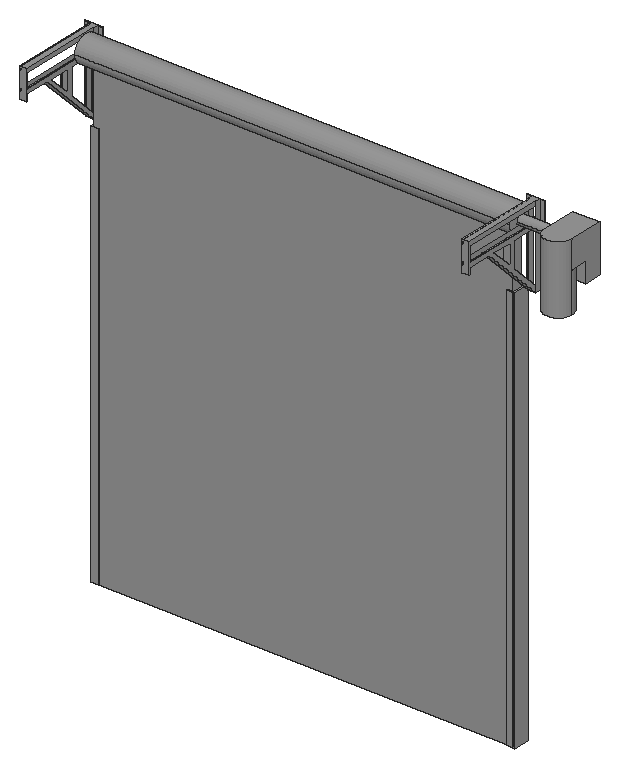
Revit family "rulonnie_protivopozarnie_vorota_firetechnics-r_ei60", category Двери, Revit 2016
Family settings
  Основа = Стена
  Номер OmniClass = 23.30.10.00
  Заголовок OmniClass = Doors
  Всегда вертикально = Да
  При загрузке вырезать с полостями = Нет
  Общий = Нет
  Точка расчета площади = Нет
Parameters (values of type "R EI60 c минеральным заполнителем")
  ширина входа в полотна = 40 mm  # constant formula
  Ширина полотна = 75 mm
  Ширина направляющих = 115 mm  # constant formula
  Ширина верхней направляющей = 374.343 mm
  Функция = Внутренние слои
  Разработано = "support@bimlib.ru"  # constant formula
  Отстаяние от двигателя = 330 mm  # constant formula
  Огнестойкость = "EI60"  # constant formula
  Материал полотна = Полотно с наполнителем из минерального заполнителя Firetechnics
  Материал направляющих = Сталь_оцинкованная_листовая_2мм_Firetechnics
  Изготовитель = "Firetechnics"  # constant formula
  Длина направляющей = 60 mm  # constant formula
  Высота короба = 500 mm
  Height = ADSK_Размер_Высота  # 3000 mm
  Замыкание стены = По основе
  Width = ADSK_Размер_Ширина  # 3000 mm
  Аналитическая конструкция = "<Нет>"
  URL = "https://www.fire-tec.ru/"
  ADSK_Размер_Ширина = 3000 mm
  ADSK_Размер_Высота = 3000 mm
  ADSK_Примечание [instance] = ""
  ADSK_Предел огнестойкости = "EI60"  # constant formula
  ADSK_Позиция [instance] = ""
  ADSK_Обозначение = ""
  ADSK_Наименование = "Рулонные противопожарные ворота FireTechnics-S EI60 с миниральным заполнителем"
  ADSK_Масса_Текст = ""
  ADSK_Завод-изготовитель = Изготовитель  # "Firetechnics"
  ADSK_Единица измерения = ""
  ADSK_URL страницы изделия = "https://www.fire-tec.ru/catalog/protivopozharnye-vorota/sektsionnye-protivopozharnye-vorota/"
  ADSK_URL документации изделия = ""
Reference planes
  plane 1: y = 0
  plane 2 "По центру (Влево/Вправо)": x = 0
  plane 3 "Слева": x = -1500
  plane 4 "Справа": x = 1500
  plane 5: z = 3000
  plane 6 "Наружный": y = 150
  plane 7 "Внутренние": y = -150
  plane 8: x = -1560
  plane 9: x = 1560
  plane 10: y = -265
  plane 11: y = -183.5
  plane 12: y = -258.5
  plane 13: y = -524.343
  plane 14: x = -1540
  plane 15: x = 1540
  plane 16: z = 3500
  plane 17: x = 1890
  plane 18: x = 1600
  plane 19: x = -1596.608
Forms (mm)
  Extrusion 1, void
    sketch origin (0, 0, 0) x (1, 0, 0) y (0, 1, 0)
      loop
        line (-1500, 150) -> (-1500, -150) -> (-1880, -150) -> (-1880, -970) -> (2100, -970) -> (2100, -150) -> (1500, -150) -> (1500, 150) -> (-1500, 150)
    from 0 to 3000
  Extrusion 2, solid, material "Сталь_оцинкованная_листовая_2мм_Firetechnics" <- "Материал направляющих"
    sketch origin (0, 0, 0) x (1, 0, 0) y (0, 1, 0)
      loop
        line (-1500, -183.5) -> (-1500, -150) -> (-1560, -150) -> (-1560, -265) -> (-1500, -265) -> (-1500, -258.5) -> (-1540, -258.5) -> (-1540, -183.5) -> (-1500, -183.5)
      loop
        line (1500, -150) -> (1500, -183.5) -> (1540, -183.5) -> (1540, -258.5) -> (1500, -258.5) -> (1500, -265) -> (1560, -265) -> (1560, -150) -> (1500, -150)
    from 0 to 3000
  Extrusion 3, solid, material "Полотно с наполнителем из минерального заполнителя Firetechnics" <- "Материал полотна"
    sketch origin (0, 0, 0) x (1, 0, 0) y (0, 1, 0)
      loop
        line (-1540, -183.5) -> (-1540, -258.5) -> (1540, -258.5) -> (1540, -183.5) -> (-1540, -183.5)
    from 0 to 3500
  Extrusion 4, solid, material "Полотно с наполнителем из минерального заполнителя Firetechnics" <- "Материал полотна"
    sketch origin (0, 0, 0) x (0, 1, 0) y (0, 0, 1)
      loop
        circle (-265, 3500) r 97
    from -1596.608 to 1600
  Extrusion 5, solid, material "Сталь_оцинкованная_листовая_2мм_Firetechnics" <- "Материал направляющих"
    sketch origin (0, 0, 0) x (0, 1, 0) y (0, 0, 1)
      loop
        circle (-265, 3500) r 35
    from -1560 to 1890
Lines and regions (mm)
  symbolic lines, style "Doors"
    curve 1: line (-1625, -150, 0) -> (-1625, -800, 0)
    curve 2: line (-1625, -475, 0) -> (2235, -475, 0)
    curve 3: line (2235, -150, 0) -> (2235, -910, 0)
Text (mm)
  text "Наружный" at (-2295.016, 1099.543, 0), in view "Опорный уровень"
  text "Наружный" at (0, 1615.38, 3698.081), in view "Слева"
  text "Наружный" at (0, 1036.032, 3874.932), in view "Справа"
Dimensions and locks
  equal spacing: plane 3 "Слева", plane 2 "По центру (Влево/Вправо)", plane 4 "Справа"
  "Width": plane 3 "Слева" to plane 4 "Справа"
  "Height": plane 5 to host wall
  host wall to plane 5 = 3000 mm  (x2)
  locked: plane 6 "Наружный" to host wall at 0
  locked: plane 7 "Внутренние" to host wall
  "Ширина направляющих": plane 10 to plane 7 "Внутренние"
  "Ширина полотна": plane 11 to plane 12
  "Ширина верхней направляющей": plane 13 to plane 7 "Внутренние"
  "Высота короба": plane 16 to plane 5
  "ширина входа в полотна": plane 4 "Справа" to plane 15
  "ширина входа в полотна": plane 14 to plane 3 "Слева"
  "Отстаяние от двигателя": plane 17 to plane 9
  "Длина направляющей": plane 4 "Справа" to plane 9
  "Длина направляющей": plane 8 to plane 3 "Слева"
  locked: plane 18 to plane 9 at 40
  locked: plane 8 to plane 19 at 36.608
  locked: plane 7 "Внутренние" to plane 11 at 33.5
  locked: plane 4 "Справа" to curve 3 at 735
  aligned and locked: plane 1 to host wall
  aligned and locked: Extrusion 1 sketch curve to host wall
  aligned and locked: Extrusion 1 sketch curve to plane 3 "Слева"
  aligned and locked: plane 4 "Справа" to Extrusion 1 sketch curve
  aligned and locked: plane 12 to Extrusion 2 sketch curve  (x2)
  aligned and locked: plane 14 to Extrusion 2 sketch curve
  aligned and locked: Extrusion 2 sketch curve to plane 11
  aligned and locked: Extrusion 2 sketch curve to plane 3 "Слева"  (x2)
  aligned and locked: Extrusion 2 sketch curve to plane 10  (x2)
  aligned and locked: Extrusion 2 sketch curve to plane 8
  aligned and locked: Extrusion 2 sketch curve to host wall
  aligned and locked: host wall to Extrusion 2 sketch curve
  aligned and locked: Extrusion 2 sketch curve to plane 9
  aligned and locked: Extrusion 2 sketch curve to plane 4 "Справа"
  aligned and locked: Extrusion 2 sketch curve to plane 15
  aligned and locked: plane 11 to Extrusion 2 sketch curve
  aligned and locked: plane 4 "Справа" to Extrusion 2 sketch curve
  aligned and locked: Extrusion 2 to plane 5
  aligned and locked: Extrusion 1 to plane 5
  aligned and locked: Extrusion 3 sketch curve to plane 11
  aligned and locked: plane 14 to Extrusion 3 sketch curve
  aligned and locked: Extrusion 3 sketch curve to plane 12
  aligned and locked: Extrusion 3 sketch curve to Extrusion 2
  aligned and locked: plane 8 to nested 2
  aligned and locked: plane 9 to nested 1
  aligned and locked: nested 1 to plane 16
  aligned and locked: nested 2 to plane 16
  aligned and locked: Extrusion 5 to plane 8
  aligned and locked: plane 17 to Extrusion 5
  aligned and locked: plane 18 to Extrusion 4
  aligned and locked: Extrusion 4 to plane 19
  aligned and locked: plane 7 "Внутренние" to nested 3
  aligned and locked: plane 16 to nested 3
  aligned and locked: nested 3 to plane 17
  aligned and locked: Extrusion 3 to plane 16
  aligned and locked: Extrusion 3 to level
Automatic sketch dimensions
  plane 3 "Слева" to Extrusion 1 sketch curve = 380 mm
  Extrusion 1 sketch curve to plane 4 "Справа" = 600 mm
  host wall to Extrusion 1 sketch curve = 820 mm
  host wall to Extrusion 1 sketch curve = 0 mm  (x2)
  Extrusion 4 sketch curve to plane 10 = 0 mm
  Extrusion 4 sketch curve to plane 16 = 0 mm
  Extrusion 5 sketch curve to plane 10 = 0 mm
  Extrusion 5 sketch curve to plane 16 = 0 mm
  host wall to curve 3 = 0 mm
  curve 1 to plane 19 = 28.392 mm
  curve 1 to plane 13 = 275.657 mm
  curve 3 to plane 13 = 385.657 mm
  host wall to curve 1 = 0 mm
  curve 2 to plane 19 = 28.392 mm
  plane 13 to curve 2 = 49.343 mm
  curve 2 to curve 3 = 0 mm
  radius of Extrusion 4 sketch curve = 97 mm
  radius of Extrusion 5 sketch curve = 35 mm
Nested families
  nested 1: "Кронштейн" at (1625, -150, 3500) x (1, 0, 0) z (0, -1, 0), type "Кронштейн", detail levels fine
  nested 2: "Кронштейн" at (-1625, -150, 3500) x (1, 0, 0) z (0, -1, 0), type "Кронштейн", detail levels fine
  nested 3: "Двигатель" at (1990, -330, 3500), type "Двигатель", detail levels fine
Definition of nested family "Кронштейн"
  Parameters (values of type "Кронштейн")
    Default Elevation = 1219.2 mm
    l = 650 mm
    h = 40 mm
    a = 50 mm
  Reference planes
    plane 1 "По центру (Вперед/Назад)": y = 0
    plane 2: z = 0
    plane 3 "По центру (Влево/Вправо)": x = 0
    plane 4: x = -25
    plane 5: x = 25
    plane 6: z = 40
    plane 7: y = 100
    plane 8: y = -500
    plane 9: y = -70
    plane 10: y = 70
    plane 11: y = -40
    plane 12: z = 650
    plane 13: through (0, -500, 40) normal (0, 0.7071, -0.7071)
    plane 14: z = 270
    plane 15: x = -65
    plane 16: x = 65
  Forms (mm)
    Extrusion 1, solid
      sketch origin (0, 0, 0) x (1, 0, 0) y (0, 1, 0)
        loop
          line (-1219.2, 1219.2) -> (-1219.2, -1219.2) -> (1219.2, -1219.2) -> (1219.2, 1219.2) -> (-1219.2, 1219.2)
      from 0 to -304.8
    Extrusion 2, solid
      sketch origin (0, 0, 0) x (1, 0, 0) y (0, 0, 1)
        loop
          line (65, 0) -> (65, 3) -> (28, 3) -> (28, 40) -> (25, 40) -> (25, 0) -> (65, 0)
        loop
          line (-25, 0) -> (-25, 40) -> (-28, 40) -> (-28, 3) -> (-65, 3) -> (-65, 0) -> (-25, 0)
      from -100 to 500
    Extrusion 3, solid
      sketch origin (0, 0, 0) x (1, 0, 0) y (0, 1, 0)
        loop
          line (-25, 100) -> (-25, 70) -> (-22, 70) -> (-22, 97) -> (22, 97) -> (22, 70) -> (25, 70) -> (25, 100) -> (-25, 100)
        loop
          line (-25, -70) -> (25, -70) -> (25, -40) -> (22, -40) -> (22, -67) -> (-22, -67) -> (-22, -40) -> (-25, -40) -> (-25, -70)
      from 0 to 650
    Extrusion 4, solid
      sketch origin (0, 0, 0) x (1, 0, 0) y (0, 0, 1)
        loop
          line (-25, 650) -> (-25, 645) -> (25, 645) -> (25, 650) -> (-25, 650)
      from -100 to 120
    Sweep 5, solid
      path origin (0, 0, 0) x (0, 1, 0) y (0, 0, 1)
        loop
          line (-500, 40) -> (-70, 470)
      profile origin (0, -285, 255) x (0, -0.707107, 0.707107) y (1, 0, 0)
        loop
          line (0, 25) -> (-30, 25) -> (-30, 22) -> (-3, 22) -> (-3, -22) -> (-30, -22) -> (-30, -25) -> (0, -25) -> (0, 25)
    Sweep 6, solid
      path origin (0, 0, 0) x (0, 1, 0) y (0, 0, 1)
        loop
          line (-70, 270) -> (-270, 270)
      profile origin (0, -170, 270) x (0, 0, -1) y (1, 0, 0)
        loop
          line (0, 25) -> (0, -25) -> (30, -25) -> (30, -22) -> (3, -22) -> (3, 22) -> (30, 22) -> (30, 25) -> (0, 25)
  Cuts and joins
    joined: Extrusion 2, Extrusion 3, Extrusion 4, Sweep 5, Sweep 6
  Dimensions and locks
    equal spacing: plane 5, plane 3 "По центру (Влево/Вправо)", plane 4
    "a": plane 5 to plane 4
    locked: Extrusion 2 sketch curve to plane 5 at 3
    locked: Extrusion 2 sketch curve to Extrusion 1 at 3  (x2)
    locked: plane 4 to Extrusion 2 sketch curve at 3
    "h": plane 6 to Extrusion 1
    locked: plane 1 "По центру (Вперед/Назад)" to plane 7 at 100
    locked: plane 8 to plane 1 "По центру (Вперед/Назад)" at 500
    locked: plane 11 to plane 9 at 30
    locked: plane 7 to plane 10 at 30
    "l": plane 12 to Extrusion 1
    locked: plane 12 to Extrusion 4 sketch curve at 5
    locked: plane 9 to Extrusion 4 at 50
    locked: plane 14 to Extrusion 1 at 270
    plane 15 to plane 3 "По центру (Влево/Вправо)" to plane 16 = 65 mm locked, 65 mm locked
    aligned and locked: plane 2 to Extrusion 1
    aligned and locked: level to Extrusion 1
    aligned and locked: Extrusion 1 to Extrusion 2 sketch curve  (x2)
    aligned and locked: plane 4 to Extrusion 2 sketch curve
    aligned and locked: plane 5 to Extrusion 2 sketch curve
    aligned and locked: Extrusion 2 sketch curve to plane 6
    aligned and locked: plane 6 to Extrusion 2 sketch curve
    aligned and locked: Extrusion 2 to plane 8
    aligned and locked: plane 7 to Extrusion 2
    aligned and locked: Extrusion 3 sketch curve to plane 7
    aligned and locked: Extrusion 3 sketch curve to plane 9
    aligned and locked: Extrusion 3 sketch curve to plane 4  (x2)
    aligned and locked: Extrusion 3 sketch curve to plane 5  (x2)
    aligned and locked: Extrusion 3 to plane 10  (x2)
    aligned and locked: plane 11 to Extrusion 3  (x2)
    aligned and locked: plane 12 to Extrusion 3
    aligned and locked: Extrusion 4 sketch curve to plane 12
    aligned and locked: Extrusion 4 sketch curve to plane 4
    aligned and locked: Extrusion 4 sketch curve to plane 5
    aligned and locked: plane 7 to Extrusion 4
    aligned and locked: plane 13 to Sweep 5 sketch curve
    aligned and locked: profile plane to Sweep 5 sketch curve
    aligned and locked: plane 14 to Sweep 6 sketch curve
    aligned and locked: profile plane to Sweep 6 sketch curve
    aligned and locked: Sweep 6 sketch curve to plane 4
    aligned and locked: Sweep 6 sketch curve to plane 5
  Automatic sketch dimensions
    Extrusion 1 sketch curve to Extrusion 1 sketch curve = 2438.4 mm  (x2)
    Extrusion 2 sketch curve to plane 4 = 40 mm
    plane 5 to Extrusion 2 sketch curve = 40 mm
    Extrusion 3 sketch curve to Extrusion 3 sketch curve = 3 mm  (x2)
    Extrusion 3 sketch curve to plane 5 = 3 mm  (x2)
    plane 9 to Extrusion 3 sketch curve = 3 mm
    Extrusion 3 sketch curve to Extrusion 3 sketch curve = 27 mm  (x2)
    Extrusion 3 sketch curve to plane 7 = 30 mm  (x2)
    Extrusion 3 sketch curve to plane 7 = 3 mm
    Sweep 5 sketch curve to plane 6 = 0 mm
    Sweep 5 sketch curve to plane 9 = 0 mm
    profile plane to Sweep 5 sketch curve = 3 mm
    Sweep 5 sketch curve to Sweep 5 sketch curve = 27 mm  (x2)
    Sweep 5 sketch curve to plane 3 "По центру (Влево/Вправо)" = 22 mm
    plane 3 "По центру (Влево/Вправо)" to Sweep 5 sketch curve = 22 mm
    Sweep 5 sketch curve to Sweep 5 sketch curve = 3 mm  (x2)
    plane 13 to Sweep 6 sketch curve = 0 mm
    Sweep 6 sketch curve to plane 9 = 0 mm
    Sweep 6 sketch curve to profile plane = 3 mm
    Sweep 6 sketch curve to Sweep 6 sketch curve = 27 mm  (x2)
    Sweep 6 sketch curve to Sweep 6 sketch curve = 3 mm  (x2)
Definition of nested family "Двигатель"
  Reference planes
    plane 1 "По центру (Вперед/Назад)": y = 0
    plane 2: z = 0
    plane 3 "По центру (Влево/Вправо)": x = 0
  Forms (mm)
    Extrusion 1, solid
      sketch origin (0, -75, 0) x (1, 0, 0) y (0, 1, 0)
        loop
          line (-100, 255) -> (-100, 0) -> (100, 0) -> (100, 255) -> (-100, 255)
      from -100 to 100
    Extrusion 2, solid
      sketch origin (0, -75, 0) x (1, 0, 0) y (0, 1, 0)
        loop
          circle (0, 0) r 100
      from -400 to 100
    Extrusion 3, solid
      sketch origin (0, -75, 0) x (1, 0, 0) y (0, 1, 0)
        loop
          line (100, 255) -> (-100, 255) -> (-100, 125) -> (100, 125) -> (100, 255)
      from -250 to 0
  Cuts and joins
    joined: Extrusion 1, Extrusion 2, Extrusion 3
  Dimensions and locks
    Extrusion 1 sketch curve to plane 3 "По центру (Влево/Вправо)" to Extrusion 1 sketch curve = 100 mm, 100 mm
    plane 1 "По центру (Вперед/Назад)" to Extrusion 1 sketch curve = 180 mm
    radius of Extrusion 2 sketch curve = 100 mm
    aligned and locked: level to plane 2
    aligned and locked: Extrusion 3 sketch curve to cut or joined group of Extrusion 1, Extrusion 2, Extrusion 3  (x2)
    aligned and locked: cut or joined group of Extrusion 1, Extrusion 2, Extrusion 3 to Extrusion 3 sketch curve
    aligned and locked: level to Extrusion 3
